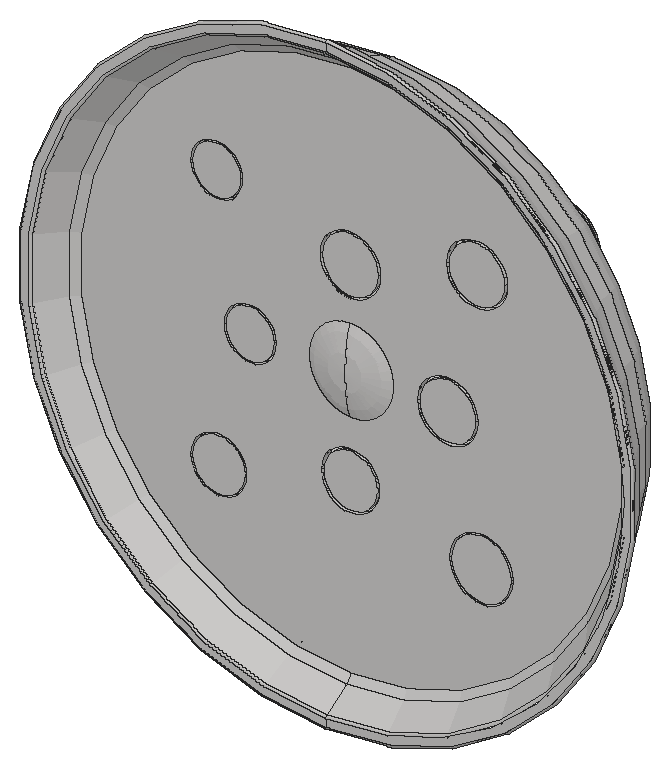
Revit family "rp70173_BIM", category Plumbing Fixtures, host Face, Revit 2014
Parameters (values of type "Standard")
  Width = 6 3/8"
  Vent Connection = no
  URL = "www.deltafaucet.com"
  Manufacturer = "DELTA"  # constant formula
  Faucet Material = Metal - Delta - Stainless-Steel
  Model = "rp70173"  # constant formula
  Height = 6 11/32"
  Description = "Faucet"  # constant formula
  Depth = 3 7/64"
  Default Elevation = 0"
Reference planes (in)
  plane 1 "Center (Front/Back)": y = 0
  plane 2: z = 0
  plane 3 "Center (Left/Right)": x = 0
  plane 4: y = 1.55469
  plane 5: y = -1.55469
  plane 6: z = 6.34375
  plane 7: x = 10.125
  plane 8: x = -3.1875
  plane 9: x = 3.1875
Forms (in)
  Revolve 1, solid, material "Metal - Delta - Stainless-Steel" <- "Faucet Material"
    sketch origin (0, 0, 0) x (0, 1, 0) y (0, 0, 1)
      loop
        line (-1.51635, 6.25268) -> (-1.26809, 6.07231) -> (0.33438, 3.9096) -> (0.89024, 3.9096)
        arc (0.89024, 3.9096) -> (0.90798, 3.91695) -> (0.91533, 3.93469) r 0.02509
        line (0.91533, 3.93469) -> (0.91533, 4.17663)
        arc (0.91533, 4.17663) -> (0.90185, 4.19985) -> (0.87501, 4.19967) r 0.02675
        arc (0.87501, 4.19967) -> (0.71318, 4.13234) -> (0.53914, 4.11165) r 0.63711
        arc (0.53914, 4.11165) -> (0.5223, 4.10468) -> (0.51533, 4.08784) r 0.02381
        arc (0.51533, 4.08784) -> (0.5031, 4.09945) -> (0.48834, 4.1076) r 0.06615
        arc (0.48834, 4.1076) -> (0.24322, 4.28174) -> (0.107, 4.54978) r 0.6287
        arc (0.107, 4.54978) -> (-0.08861, 5.10749) -> (-0.39984, 5.60991) r 2.72558
        arc (-0.39984, 5.60991) -> (-0.5885, 5.79871) -> (-0.81712, 5.93645) r 1.09866
        arc (-0.81712, 5.93645) -> (-0.94492, 5.98637) -> (-1.07581, 6.02749) r 2.01826
        arc (-1.07581, 6.02749) -> (-1.10326, 6.0275) -> (-1.12467, 6.01032) r 0.04137
        arc (-1.12467, 6.01032) -> (-1.13556, 6.09152) -> (-1.1804, 6.16009) r 0.18532
        arc (-1.1804, 6.16009) -> (-1.34723, 6.25817) -> (-1.50086, 6.37586) r 1.58442
        arc (-1.50086, 6.37586) -> (-1.52014, 6.37865) -> (-1.53067, 6.36226) r 0.01801
        line (-1.53067, 6.36226) -> (-1.53067, 6.28079)
        arc (-1.53067, 6.28079) -> (-1.52688, 6.26502) -> (-1.51635, 6.25268) r 0.03475
      axis (0.91533, 3.1875) -> (-1.53067, 3.1875)
    angle from 0 to 360
  Revolve 2, solid, material "Metal - Delta - Stainless-Steel" <- "Faucet Material"
    sketch origin (0, 0, 0) x (0, 1, 0) y (0, 0, 1)
      loop
        line (1.47588, 3.62057) -> (1.04156, 3.62057)
        arc (1.04156, 3.62057) -> (1.02593, 3.61409) -> (1.01945, 3.59846) r 0.02211
        line (1.01945, 3.59846) -> (1.01945, 3.56127)
        arc (1.01945, 3.56127) -> (1.00862, 3.53513) -> (0.98248, 3.5243) r 0.03697
        line (0.98248, 3.5243) -> (0.8364, 3.5243)
        arc (0.8364, 3.5243) -> (0.36559, 3.68292) -> (0, 3.34652) r 0.48771
        line (0, 3.34652) -> (0.87426, 3.43457) -> (1.06669, 3.5243) -> (1.5014, 3.5243) -> (1.5014, 3.59504)
        arc (1.5014, 3.59504) -> (1.49393, 3.61309) -> (1.47588, 3.62057) r 0.02553
      axis (1.5014, 3.18869) -> (0, 3.18869)
    angle from 0 to 360
  Revolve 3, solid, material "Metal - Delta - Stainless-Steel" <- "Faucet Material"
    sketch origin (0, 0, 0) x (0, 1, 0) y (0, 0, 1)
      loop
        line (0.91533, 3.90118) -> (0.33438, 3.90118) -> (0.33438, 3.69353) -> (0.73401, 3.69353) -> (0.73401, 3.5396) -> (0.91533, 3.5396) -> (0.91533, 3.60795) -> (0.8364, 3.60795) -> (0.8364, 3.67593) -> (0.91533, 3.69353) -> (0.91533, 3.77331) -> (0.8364, 3.77331) -> (0.91533, 3.82857) -> (0.91533, 3.90118)
      axis (0.91533, 3.17796) -> (0.33438, 3.17796)
    angle from 0 to 360
  Extrusion 4, solid, material "Metal - Delta - Stainless-Steel" <- "Faucet Material"
    sketch origin (0, 0, 0) x (1, 0, 0) y (0, 0, 1)
      loop
        circle (0, 3.19367) r 2.88482
      loop
        circle (-1.38406, 4.55851) r 0.26995
      loop
        circle (0, 4.16227) r 0.31321
      loop
        circle (1.30992, 4.531) r 0.31593
      loop
        circle (-1.03758, 3.15911) r 0.27106
      loop
        circle (-1.36163, 1.83312) r 0.28994
      loop
        circle (0, 2.16073) r 0.30105
      loop
        circle (1.35595, 1.81649) r 0.32847
      loop
        circle (1.00947, 3.15896) r 0.31525
    from 1.14847 to 1.20944
  Revolve 5, solid, material "Metal - Delta - Stainless-Steel" <- "Faucet Material"
    sketch origin (0, 0, 0) x (0, 1, 0) y (0, 0, 1)
      loop
        arc (-1.1804, 3.69943) -> (-1.2654, 3.44999) -> (-1.28885, 3.1875) r 1.10377
        line (-1.28885, 3.1875) -> (-1.1804, 3.1875) -> (-1.1804, 3.69943)
      axis (-1.1804, 3.1875) -> (-1.28885, 3.1875)
    angle from 0 to 360
  Extrusion 6, solid, material "Metal - Delta - Stainless-Steel" <- "Faucet Material"
    sketch origin (0, -1.20944, 0) x (1, 0, 0) y (0, 0, 1)
      loop
        circle (1.30992, 4.531) r 0.28787
      loop
        circle (0, 4.16227) r 0.2876
      loop
        circle (-1.38406, 4.55851) r 0.25
      loop
        circle (-1.03758, 3.15911) r 0.25
      loop
        circle (-1.36163, 1.83312) r 0.27022
      loop
        circle (0, 2.16073) r 0.27379
      loop
        circle (1.35595, 1.81649) r 0.30669
      loop
        circle (1.00947, 3.15896) r 0.28789
    from 0 to -0.02904
Dimensions and locks (in)
  equal spacing: plane 4, plane 1 "Center (Front/Back)", plane 5
  "Depth": plane 4 to plane 5
  "Height": plane 6 to plane 2
  equal spacing: plane 8, plane 3 "Center (Left/Right)", plane 9
  "Width": plane 8 to plane 9
  aligned and locked: plane 2 to host face
  aligned and locked: level to host face
Automatic sketch dimensions
  host sketch curve to host sketch curve = 96"  (x2)
  Revolve 1 sketch curve to plane 5 = 0.99291"
  Revolve 1 sketch curve to plane 5 = 0.06023"
  plane 5 to Revolve 1 sketch curve = 0.02401"
  Revolve 1 sketch curve to Revolve 1 sketch curve = 0.01433"
  Revolve 1 sketch curve to Revolve 1 sketch curve = 0.01801"
  Revolve 1 sketch curve to Revolve 1 sketch curve = 0.02043"
  plane 5 to Revolve 1 sketch curve = 0.24543"
  Revolve 1 sketch curve to Revolve 1 sketch curve = 0.04116"
  plane 5 to Revolve 1 sketch curve = 0.2891"
  Revolve 1 sketch curve to Revolve 1 sketch curve = 0.17855"
  plane 1 "Center (Front/Back)" to Revolve 1 sketch curve = 0.46234"
  Revolve 1 sketch curve to plane 1 "Center (Front/Back)" = 0.33438"
  Revolve 1 sketch curve to Revolve 1 sketch curve = 0.12965"
  Revolve 1 sketch curve to Revolve 1 sketch curve = 0.0751"
  Revolve 1 sketch curve to plane 1 "Center (Front/Back)" = 0.55167"
  Revolve 1 sketch curve to Revolve 1 sketch curve = 0.16766"
  Revolve 1 sketch curve to Revolve 1 sketch curve = 0.34944"
  Revolve 1 sketch curve to Revolve 1 sketch curve = 0.00166"
  Revolve 1 sketch curve to Revolve 1 sketch curve = 0.02509"
  plane 6 to Revolve 1 sketch curve = 2.43415"
  plane 6 to Revolve 1 sketch curve = 2.41191"
  Revolve 1 sketch curve to Revolve 1 sketch curve = 0.13648"
  Revolve 1 sketch curve to Revolve 1 sketch curve = 0.15073"
  Revolve 1 sketch curve to Revolve 1 sketch curve = 0.04177"
  Revolve 1 sketch curve to Revolve 1 sketch curve = 0.24194"
  Revolve 1 sketch curve to Revolve 1 sketch curve = 0.5157"
  Revolve 1 sketch curve to Revolve 1 sketch curve = 0.05632"
  Revolve 1 sketch curve to Revolve 1 sketch curve = 0.85093"
  plane 6 to Revolve 1 sketch curve = 0.35528"
  Revolve 1 sketch curve to Revolve 1 sketch curve = 0.03843"
  Revolve 1 sketch curve to Revolve 1 sketch curve = 0.04541"
  plane 6 to Revolve 1 sketch curve = 0.09107"
  Revolve 1 sketch curve to plane 6 = 0.01851"
  Revolve 1 sketch curve to plane 6 = 1.22871"
  Revolve 1 sketch curve to Revolve 1 sketch curve = 0"  (x4)
  Revolve 1 sketch curve to Revolve 1 sketch curve = 0.0877"
  Revolve 1 sketch curve to Revolve 1 sketch curve = 0.03513"
  Revolve 1 sketch curve to Revolve 1 sketch curve = 0.01373"
  Revolve 1 sketch curve to Revolve 1 sketch curve = 0.25869"
  plane 1 "Center (Front/Back)" to Revolve 1 sketch curve = 0.48467"
  Revolve 1 sketch curve to plane 1 "Center (Front/Back)" = 0.51533"
  Revolve 1 sketch curve to Revolve 1 sketch curve = 0.7221"
  Revolve 2 sketch curve to plane 1 "Center (Front/Back)" = 0"
  Revolve 2 sketch curve to plane 1 "Center (Front/Back)" = 0.46699"
  Revolve 2 sketch curve to Revolve 2 sketch curve = 0.36941"
  Revolve 2 sketch curve to Revolve 2 sketch curve = 0.03786"
  Revolve 2 sketch curve to Revolve 2 sketch curve = 0.14608"
  Revolve 2 sketch curve to Revolve 2 sketch curve = 0.03697"  (x2)
  Revolve 2 sketch curve to Revolve 2 sketch curve = 0.02211"
  Revolve 2 sketch curve to Revolve 2 sketch curve = 0.04724"
  Revolve 2 sketch curve to plane 4 = 0.07881"
  Revolve 2 sketch curve to plane 4 = 0.05328"
  plane 6 to Revolve 2 sketch curve = 3.13788"
  Revolve 2 sketch curve to Revolve 2 sketch curve = 0.14065"
  Revolve 2 sketch curve to Revolve 2 sketch curve = 0.08973"
  Revolve 2 sketch curve to Revolve 2 sketch curve = 0.07074"
  Revolve 2 sketch curve to plane 4 = 0.31646"
  Revolve 2 sketch curve to plane 4 = 0.09173"
  Revolve 2 sketch curve to Revolve 2 sketch curve = 0.33561"
  Revolve 3 sketch curve to plane 1 "Center (Front/Back)" = 0.33438"
  Revolve 3 sketch curve to Revolve 3 sketch curve = 0.39963"
  Revolve 3 sketch curve to Revolve 3 sketch curve = 0.10239"
  Revolve 3 sketch curve to Revolve 3 sketch curve = 0"  (x2)
  Revolve 3 sketch curve to Revolve 3 sketch curve = 0.07893"  (x2)
  plane 6 to Revolve 3 sketch curve = 2.80415"
  Revolve 3 sketch curve to Revolve 3 sketch curve = 0.06835"
  Revolve 3 sketch curve to Revolve 3 sketch curve = 0.06797"
  Revolve 3 sketch curve to Revolve 3 sketch curve = 0.15392"
  Revolve 3 sketch curve to Revolve 3 sketch curve = 0.0176"
  Revolve 3 sketch curve to Revolve 3 sketch curve = 0.09738"
  Revolve 3 sketch curve to Revolve 3 sketch curve = 0.05527"
  Revolve 3 sketch curve to Revolve 3 sketch curve = 0.07261"
  Revolve 3 sketch curve to Revolve 3 sketch curve = 0.19487"
  Revolve 3 sketch curve to Revolve 3 sketch curve = 0.26594"
  Revolve 3 sketch curve to Revolve 3 sketch curve = 0.36165"
  Extrusion 4 sketch curve to plane 3 "Center (Left/Right)" = 0"  (x3)
  Extrusion 4 sketch curve to plane 3 "Center (Left/Right)" = 1.03758"
  Extrusion 4 sketch curve to plane 3 "Center (Left/Right)" = 1.36163"
  Extrusion 4 sketch curve to plane 3 "Center (Left/Right)" = 1.38406"
  plane 3 "Center (Left/Right)" to Extrusion 4 sketch curve = 1.00947"
  plane 3 "Center (Left/Right)" to Extrusion 4 sketch curve = 1.30992"
  plane 3 "Center (Left/Right)" to Extrusion 4 sketch curve = 1.35595"
  level to Extrusion 4 sketch curve = 1.81649"
  level to Extrusion 4 sketch curve = 1.83312"
  Extrusion 4 sketch curve to Extrusion 4 sketch curve = 0.34424"
  Extrusion 4 sketch curve to Extrusion 4 sketch curve = 1.34247"
  Extrusion 4 sketch curve to Extrusion 4 sketch curve = 1.32598"
  Extrusion 4 sketch curve to Extrusion 4 sketch curve = 0.03472"
  Extrusion 4 sketch curve to Extrusion 4 sketch curve = 0.9686"
  Extrusion 4 sketch curve to Extrusion 4 sketch curve = 0.36873"
  Extrusion 4 sketch curve to Extrusion 4 sketch curve = 0.39624"
  plane 5 to Revolve 5 sketch curve = 0.26584"
  plane 5 to Revolve 5 sketch curve = 0.37429"
  plane 1 "Center (Front/Back)" to Revolve 5 sketch curve = 0.1856"
  plane 6 to Revolve 5 sketch curve = 3 5/32"
  Revolve 5 sketch curve to Revolve 5 sketch curve = 0.03372"
  Revolve 5 sketch curve to Revolve 5 sketch curve = 0.06123"
  Revolve 5 sketch curve to Revolve 5 sketch curve = 0.05423"
  Revolve 5 sketch curve to Revolve 5 sketch curve = 0"
  radius of Extrusion 4 sketch curve = 2.88482"
  radius of Extrusion 4 sketch curve = 0.26995"
  radius of Extrusion 4 sketch curve = 0.31321"
  radius of Extrusion 4 sketch curve = 0.31593"
  radius of Extrusion 4 sketch curve = 0.27106"
  radius of Extrusion 4 sketch curve = 0.28994"
  radius of Extrusion 4 sketch curve = 0.30105"
  radius of Extrusion 4 sketch curve = 0.32847"
  radius of Extrusion 4 sketch curve = 0.31525"
  radius of Extrusion 6 sketch curve to Extrusion 4 = 0.02806"
  radius of Extrusion 6 sketch curve to Extrusion 4 = 0.0256"
  radius of Extrusion 6 sketch curve to Extrusion 4 = 0.01995"
  radius of Extrusion 6 sketch curve to Extrusion 4 = 0.02106"
  radius of Extrusion 6 sketch curve to Extrusion 4 = 0.01972"
  radius of Extrusion 6 sketch curve to Extrusion 4 = 0.02726"
  radius of Extrusion 6 sketch curve to Extrusion 4 = 0.02178"
  radius of Extrusion 6 sketch curve to Extrusion 4 = 7/256"
